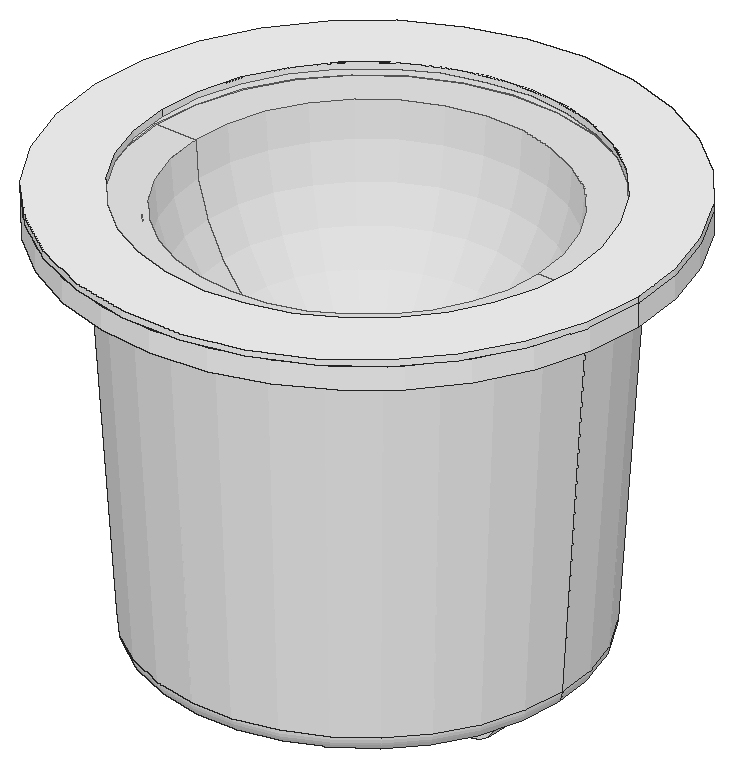
Revit family "2058861 Feilo Sylvania Lighting Fixture MYRD IP ST 3K DALI WHT WBEZ", category Lighting Fixtures, host Face, Revit 2017
Family settings
  Host = Face
  Round Connector Dimension = Use Diameter
  Part Type = Normal
  OmniClass Number = 23.80.70.11.17
  OmniClass Title = Specialized Lighting by Location or Use
  Cut with Voids When Loaded = No
  Light Source = Yes
  Shared = No
  Room Calculation Point = No
Parameters
  Weight = "0.44 kg"
  Wattage = 10 W
  WarrantyStartDate [instance] = "n/a"
  WarrantyGuarantorParts = "n/a"
  WarrantyDurationUnit = "n/a"
  WarrantyDurationParts = "n/a"
  WarrantyDescription = "n/a"
  built-in parameter 1150110 = 1 (stored number, unit not read)
  Voltage = 230 V
  URL = "http://www.sylvania-lighting.com"
  TypeName = "MYRD IP ST 3K DALI WHT WBEZ"
  Type Image = 0
  Type Comments = ""
  built-in parameter 1114217 = 1 (stored number, unit not read)
  Tilt Angle = -90°
  built-in parameter 1150109 = 1 (stored number, unit not read)
  built-in parameter 1150134 = (empty or 0)
  built-in parameter 1150113 = 1 (stored number, unit not read)
  SerialNumber [instance] = "n/a"
  Reflector Radius = Cutout Diameter / 2 - 2.5 mm  # 35.0 mm
  Reflector Material = Aluminum_Sylvania_Myriad_Bright
  Recessed Depth = Height  # 72.0 mm
  PowerFactor = 0
  PowerConsumption = "10 W"
  Photometric Web File = "2058861.ies"
  NominalWidth = 0.0 mm
  NominalLength = 76.0 mm
  NominalHeight = 72.0 mm
  Name = "MYRD IP ST 3K DALI WHT WBEZ"
  ModelReference = "MYRD IP ST 3K DALI WHT WBEZ"
  ModelNumber = "2058861"
  Material = "Aluminium"
  ManufacturerName = "Feilo Sylvania"
  LuminousEfficacy = "111 lm/W"
  LuminaireType = "Ceiling recessed"
  LightOutputRatio = "1"
  LampsType = Lamp  # "LED"
  LampNominalLuminous = "1106 lm"
  LampMacAdamStep = "n/a"
  LampColourTemperature = "3000 K"
  LampColourRenderingIndex = "n/a"
  Keynote = "16500"
  Keynote_2 = "16500"
  InstallationDate [instance] = "n/a"
  InputVoltage = "230-240V~"
  InputNominalFrequency = "50/60 Hz"
  IngressProtection = "IP65"
  ImpactProtectionIndex = "IK02"
  IfcExportType = "IfcLightFixtureType"
  IfcExportAs = "IfcLightFixtureType"
  Height = 72.0 mm  # constant formula
  ExpectedLife = 50000
  Emit from Circle Diameter = Accessory Inner Diameter 2  # 68.0 mm
  Emit Shape Visible in Rendering = no
  ElectricShockClassification = "Class II"
  DurationUnit = "hours"
  DocumentationLiterature = "http://www.sylvania-lighting.com/product/en-int/products/2058861"
  DimmingControlOptions = "Dimmable"
  Diffuser Material = Glass_Sylvania_Myriad_Clear_4000K
  Diffuser Diameter = Cutout Diameter  # 75.0 mm
  Cutout Diameter = 75.0 mm  # constant formula
  CreatedOn = "03-11-2017"
  CreatedBy = ""
  Cost = 0
  built-in parameter 1114216 [instance] = 1 (stored number, unit not read)
  Model = "MYRD IP ST 3K DALI WHT WBEZ"
  Manufacturer = "Feilo Sylvania"  # constant formula
  built-in parameter 1150105 = 88.331 (stored number, unit not read)
  Lumens = 1110 lm
  built-in parameter 1150115 = 1 (stored number, unit not read)
  built-in parameter 1150137 = (empty or 0)
  built-in parameter 1150139 = (empty or 0)
  built-in parameter 1150112 = 1 (stored number, unit not read)
  built-in parameter 1150114 = 1 (stored number, unit not read)
  Lamp = "LED"
  built-in parameter 1150132 = (empty or 0)
  built-in parameter 1150102 = (empty or 0)
  built-in parameter 1150107 = 3000 (stored number, unit not read)
  built-in parameter 1150138 = (empty or 0)
  built-in parameter 1150106 = 0.88331 (stored number, unit not read)
  built-in parameter 1150104 = 10.312 (stored number, unit not read)
  Dimming Lamp Color Temperature Shift = (empty or 0)
  Description = "Supplied complete with electronic control gear Compact Fluorescent low energy downlight Emergency version passes through the cut out Ideal for low level orientation lighting New range of Architectural accessories each providing a different lit dimension New completely flush plaster up accessory ring for clean ceiling lines and smooth finish Order lamp separately"  # constant formula
  Default Elevation = 0.0 mm
  Color Filter = 16777215
  built-in parameter 1140040 [instance] = 1
  Body Radius = Reflector Radius + 1.5 mm  # 36.5 mm
  Body Material = Aluminum_Sylvania_Myriad_Gray
  BarCode [instance] = "n/a"
  built-in parameter 1114218 = 1 (stored number, unit not read)
  built-in parameter 1150133 = 10 (stored number, unit not read)
  AssetType = "Fixed"
  AssetIdentifier [instance] = "n/a"
  Assembly Code = "D5020200"
  Apparent Load = 10 VA
  Accessory Material = Aluminum_Sylvania_Myriad_White
  Accessory Inner Diameter 2 = Accessory Diameter - 22.0 mm  # 68.0 mm
  Accessory Inner Diameter 1 = Accessory Diameter - 2.0 mm  # 88.0 mm
  Accessory Diameter = Cutout Diameter + 15.0 mm  # 90.0 mm
Reference planes
  plane 1 "Center (Front/Back)": y = 0
  plane 2: z = 0
  plane 3 "Center (Left/Right)": x = 0
  plane 4: z = 2
  plane 5 "Fixture Bottom": z = 4.5
  plane 6: z = -28.5
  plane 7: z = -61.5
  plane 8 "Fixture Top": z = -67.5
  plane 9: z = 3.5
Forms (mm)
  Revolve 1, solid, material "Aluminum_Sylvania_Myriad_Bright" <- "Reflector Material", detail levels fine
    sketch origin (0, 0, 0) x (1, 0, 0) y (0, 0, 1)
      loop
        line (0, -27.515) -> (-6, -27.515)
        arc (-6, -27.515) -> (-22.333, -16.632) -> (-28.5, 2) r 30.135
        line (-28.5, 2) -> (-35, 2) -> (-35, 0) -> (-29.184, 0)
        arc (-29.184, 0) -> (-22.423, -18.18) -> (-6, -28.5) r 30.204
        line (-6, -28.5) -> (0, -28.5) -> (0, -27.515)
      axis (0, -28.5) -> (0, 2)
    angle from 0 to 360
  Revolve 2, solid, material "Aluminum_Sylvania_Myriad_Gray" <- "Body Material", detail levels fine
    sketch origin (0, 0, 0) x (1, 0, 0) y (0, 0, 1)
      loop
        line (-44, 2) -> (-44, 0) -> (-36.5, 0) -> (-32.42, -58.708)
        arc (-32.42, -58.708) -> (-31.474, -60.694) -> (-29.428, -61.5) r 3
        line (-29.428, -61.5) -> (0, -61.5) -> (0, -28.5) -> (-6, -28.5)
        arc (-6, -28.5) -> (-22.423, -18.18) -> (-29.184, 0) r 30.204
        line (-29.184, 0) -> (-35, 0) -> (-35, 2) -> (-44, 2)
      axis (0, 2) -> (0, -61.5)
    angle from 0 to 360
  Extrusion 3, solid, material "Aluminum_Sylvania_Myriad_Gray" <- "Body Material", detail levels fine
    sketch origin (0, 0, 0) x (1, 0, 0) y (0, 0, 1)
      loop
        line (-13.5, -67.5) -> (21, -67.5)
        arc (21, -67.5) -> (23.828, -66.328) -> (25, -63.5) r 4
        line (25, -63.5) -> (25, -61.5) -> (-17.5, -61.5) -> (-17.5, -63.5)
        arc (-17.5, -63.5) -> (-16.328, -66.328) -> (-13.5, -67.5) r 4
    from -4.5 to 4.5
  Extrusion 4, solid, material "Aluminum_Sylvania_Myriad_White" <- "Accessory Material", detail levels fine
    sketch origin (0, 0, 0) x (1, 0, 0) y (0, 1, 0)
      loop
        circle (0, 0) r 45
      loop
        circle (0, 0) r 44
    from 0 to 3.5
  Extrusion 5, solid, material "Aluminum_Sylvania_Myriad_White" <- "Accessory Material", detail levels fine
    sketch origin (0, 0, 0) x (1, 0, 0) y (0, 1, 0)
      loop
        circle (0, 0) r 45
      loop
        circle (0, 0) r 34
    from 3.5 to 4.5
  Extrusion 6, solid, material "Aluminum_Sylvania_Myriad_White" <- "Accessory Material", detail levels coarse+medium
    sketch origin (0, 0, 0) x (1, 0, 0) y (0, 1, 0)
      loop
        circle (0, 0) r 45
    from 0 to 4.5
  Revolve 7, solid, detail levels coarse+medium
    sketch origin (0, 0, 0) x (1, 0, 0) y (0, 0, 1)
      loop
        line (36.5, 0) -> (0, 0) -> (0, -61.5) -> (32.226, -61.5) -> (36.5, 0)
      axis (0, 0) -> (0, -61.5)
    angle from 0 to 360
  Extrusion 8, void
    sketch origin (0, 0, 0) x (1, 0, 0) y (0, 1, 0)
      loop
        circle (0, 0) r 37.5
    from -67.5 to 0
  Extrusion 9, solid, material "Glass_Sylvania_Myriad_Clear_4000K" <- "Diffuser Material", detail levels fine
    sketch origin (0, 0, 0) x (1, 0, 0) y (0, 1, 0)
      loop
        circle (0, 0) r 37.5
    from 2 to 3.5
Cuts and joins
  joined: Extrusion 4, Extrusion 5
Lines and regions (mm)
  Masking region 1
    outline origin (0, 0, 0) x (1, 0, 0) y (0, 1, 0)
      loop
        circle (0, 0) r 45
  symbolic lines
    curve 1: arc (-34, 0, 0) -> (0, 34, 0) -> (34, 0, 0) r 34
    curve 2: arc (34, 0, 0) -> (0, -34, 0) -> (-34, 0, 0) r 34
Dimensions and locks
  locked: plane 7 to plane 8 "Fixture Top" at 6
  "Body Radius": Revolve 7 sketch curve to plane 3 "Center (Left/Right)"
  locked: Revolve 7 sketch curve to Revolve 7 sketch curve at 4.274
  plane 5 "Fixture Bottom" to plane 9 to plane 4 to plane 2 to plane 6 = 1.0 mm locked, 1.5 mm locked, 2.0 mm locked, 28.5 mm locked
  "Reflector Radius": Revolve 1 sketch curve to plane 3 "Center (Left/Right)"
  Revolve 1 sketch curve to Revolve 1 sketch curve to Revolve 1 sketch curve to Revolve 1 sketch curve = 6.5 mm locked, 22.5 mm locked, 0.0 mm locked
  "Reflector Radius": plane 3 "Center (Left/Right)" to Revolve 2 sketch curve
  Revolve 2 sketch curve to Revolve 2 sketch curve to Revolve 2 sketch curve = 7.5 mm locked, 1.5 mm locked
  Revolve 2 sketch curve to Revolve 2 sketch curve to Revolve 2 sketch curve = 5.816 mm locked, 23.184 mm locked
  Revolve 2 sketch curve to Revolve 2 sketch curve to Revolve 2 sketch curve = 2.58 mm locked, 2.993 mm locked
  "Accessory Diameter": diameter of Extrusion 4 sketch curve
  "Accessory Inner Diameter 1": diameter of Extrusion 4 sketch curve
  "Accessory Diameter": diameter of Extrusion 5 sketch curve
  "Accessory Diameter": diameter of Extrusion 6 sketch curve
  "Cutout Diameter": diameter of Extrusion 8 sketch curve
  "Accessory Inner Diameter 2": diameter of Extrusion 5 sketch curve
  "Diffuser Diameter": diameter of Extrusion 9 sketch curve
  aligned and locked: plane 2 to host face
  aligned and locked: level to host face
  aligned and locked: plane 1 "Center (Front/Back)" to imposter light
  aligned and locked: plane 3 "Center (Left/Right)" to imposter light
  aligned and locked: Revolve 1 sketch curve to imposter light
  aligned and locked: Extrusion 3 sketch curve to plane 8 "Fixture Top"
  aligned and locked: plane 7 to Extrusion 3 sketch curve
  aligned and locked: Extrusion 4 to plane 2
  aligned and locked: plane 9 to Extrusion 4
  aligned and locked: Extrusion 5 to plane 9
  aligned and locked: plane 5 "Fixture Bottom" to Extrusion 5
  aligned and locked: Extrusion 6 to plane 2
  aligned and locked: plane 5 "Fixture Bottom" to Extrusion 6
  aligned and locked: Extrusion 8 to plane 8 "Fixture Top"
  aligned and locked: plane 2 to Extrusion 8
  aligned and locked: Masking region 1 sketch curve to Extrusion 6  (x2)
  aligned and locked: Extrusion 9 to plane 4
  aligned and locked: plane 9 to Extrusion 9
  aligned and locked: plane 4 to Revolve 2 sketch curve
  aligned and locked: Revolve 2 sketch curve to plane 2
  aligned and locked: curve 1 to cut or joined group of Extrusion 4, Extrusion 5
  aligned and locked: curve 2 to cut or joined group of Extrusion 4, Extrusion 5
  aligned and locked: imposter light to plane 5 "Fixture Bottom"
Automatic sketch dimensions
  host sketch curve to host sketch curve = 1305.563 mm
  host sketch curve to host sketch curve = 1283.632 mm
  Extrusion 3 sketch curve to plane 7 = 2.0 mm
  Extrusion 3 sketch curve to plane 3 "Center (Left/Right)" = 13.5 mm
  plane 3 "Center (Left/Right)" to Extrusion 3 sketch curve = 21.0 mm
  Extrusion 3 sketch curve to Extrusion 3 sketch curve = 4.0 mm
  Revolve 1 sketch curve to level = 0.0 mm
  Revolve 1 sketch curve to plane 3 "Center (Left/Right)" = 0.0 mm
  Revolve 1 sketch curve to plane 6 = 0.0 mm
  Revolve 1 sketch curve to plane 4 = 0.0 mm
  Revolve 1 sketch curve to Revolve 1 sketch curve = 0.684 mm
  level to Revolve 1 sketch curve = 0.88 mm
  Revolve 1 sketch curve to plane 4 = 0.363 mm
  Revolve 1 sketch curve to Revolve 1 sketch curve = 0.625 mm
  Revolve 1 sketch curve to plane 8 "Fixture Top" = 232.8 mm
  plane 5 "Fixture Bottom" to Revolve 1 sketch curve = 291.243 mm
  Revolve 2 sketch curve to plane 3 "Center (Left/Right)" = 0.0 mm  (x2)
  Revolve 2 sketch curve to plane 7 = 0.0 mm
  Revolve 2 sketch curve to plane 6 = 0.0 mm
  Revolve 2 sketch curve to level = 0.0 mm
  level to Revolve 2 sketch curve = 0.88 mm
  plane 7 to Revolve 2 sketch curve = 2.792 mm
  Revolve 2 sketch curve to plane 8 "Fixture Top" = 304.774 mm
  plane 5 "Fixture Bottom" to Revolve 2 sketch curve = 1137.105 mm
  Extrusion 4 sketch curve to Extrusion 4 sketch curve = 0.0 mm  (x2)
  plane 1 "Center (Front/Back)" to Extrusion 4 sketch curve = 0.0 mm
  Extrusion 4 sketch curve to plane 3 "Center (Left/Right)" = 0.0 mm
  Extrusion 5 sketch curve to Extrusion 5 sketch curve = 0.0 mm  (x2)
  plane 1 "Center (Front/Back)" to Extrusion 5 sketch curve = 0.0 mm
  Extrusion 5 sketch curve to plane 3 "Center (Left/Right)" = 0.0 mm
  plane 1 "Center (Front/Back)" to Extrusion 6 sketch curve = 0.0 mm
  Extrusion 6 sketch curve to plane 3 "Center (Left/Right)" = 0.0 mm
  Revolve 7 sketch curve to level = 0.0 mm
  Revolve 7 sketch curve to plane 3 "Center (Left/Right)" = 0.0 mm  (x2)
  Revolve 7 sketch curve to plane 7 = 0.0 mm
  Revolve 7 sketch curve to plane 8 "Fixture Top" = 304.774 mm
  plane 5 "Fixture Bottom" to Revolve 7 sketch curve = 43.226 mm
  plane 1 "Center (Front/Back)" to Extrusion 8 sketch curve = 0.0 mm
  Extrusion 8 sketch curve to plane 3 "Center (Left/Right)" = 0.0 mm
  plane 1 "Center (Front/Back)" to Extrusion 9 sketch curve = 0.0 mm
  Extrusion 9 sketch curve to plane 3 "Center (Left/Right)" = 0.0 mm
Connectors
  electrical at (-0.006, -0.019, -67.5), driven by "Apparent Load", driven by "Apparent Load"
    settings: on plane 8 "Fixture Top", index 1, voltage 230 V, apparent load 10 VA, apparent load phase1 10 VA, apparent load phase2 0 VA, apparent load phase3 0 VA, power factor 1, load classification "Lighting", number of poles 1, system type 30, power factor state 1, is connector primary yes, connector utility no, sub classification motor no, connector description ""
